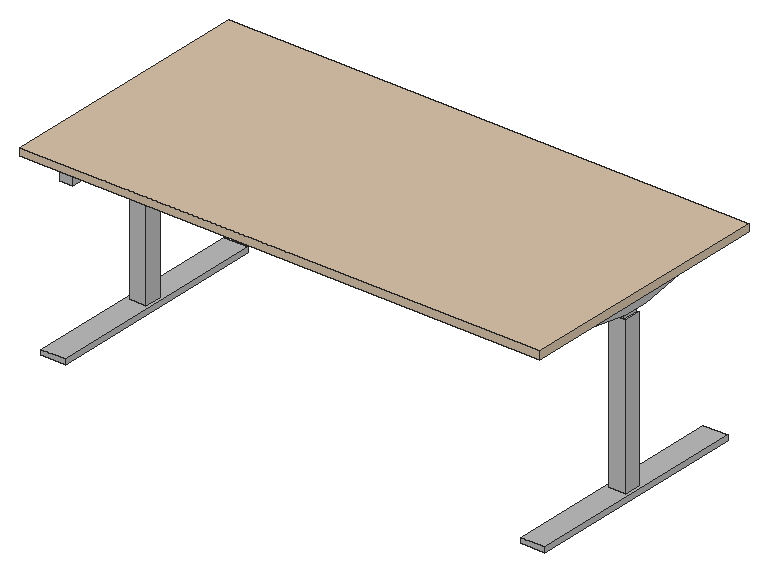
Revit family "Haworth_Masters_ConvergentWorktop-Rectangular", category Furniture Systems, Revit 2018
Family settings
  Round Connector Dimension = Use Diameter
  Part Type = Normal
  OmniClass Number = 23.40.70.14.64.21
  OmniClass Title = Systems Furniture
  Work Plane-Based = No
  Always vertical = Yes
  Cut with Voids When Loaded = No
  Shared = No
  Room Calculation Point = No
Parameters (values of type "40d 82w - Rectangular - Height Adjustable")
  symbolic lines = or(Height Adjustable, Hoop Leg)  # yes
  Worksurface Finish [instance] = Haworth _ Wood _ White Oak
  Worksurface Edge Finish [instance] = Haworth _ Wood _ White Oak
  Warranty = "http://www.haworth.com/resources/product-info/warranties"
  URL - Product = "http://www.haworth.com/products/desks/freestanding/masters-series"
  Sustainability Info = "http://media.haworth.com/asset/94814/Masters%20series%20PEDS.pdf"
  Support Column = no
  Leg Finish = Haworth _ Paint _ Metallic Champagne
  Model = "Masters"
  Min. Depth = if(Height Adjustable, 29", 30")  # 29"
  Max. Depth = if(Height Adjustable, 41", 42")  # 41"
  Hoop Leg = not(or(Support Column, Height Adjustable))  # no
  Height Adjustable = yes
  Height = 30"
  Width = 84"
  URL = "http://www.haworth.com/"
  Support Height = Actual Height - Worksurface Thickness  # 28 13/16"
  Size = "Verify Final Dim. w/ Haworth"  # constant formula
  Revision Number = "1"  # constant formula
  Min/Max Width = if(Height Adjustable, "58-82 in. @ 6 in. Increments", "60-84 in. @ 6 in. Increments")  # "58-82 in. @ 6 in. Increments"
  Min/Max Height = "28 11/16-32 11/16 in."  # constant formula
  Min. Width = if(Height Adjustable, 58", 60")  # 58"
  Max. Width = if(Height Adjustable, 82", 84")  # 82"
  Min. Height = 28 11/16"  # constant formula
  Max. Height = if(Height Adjustable, 46 1/2" + Worksurface Thickness, 31 1/2" + Worksurface Thickness)  # 47 11/16"
  Manufacturer = "Haworth"  # constant formula
  Support Offset = 1 1/4"  # constant formula
  Description = "Masters Worksurface Rectangular - Height Adjustable"
  Depth = 42"
  Custom Size = not(or(and(Depth = 30", or(Width = 60", Width = 66", Width = 72")), and(Depth = 36", or(Width = 60", Width = 66", Width = 72", Width = 78", Width = 84")), and(Depth = 42", or(Width = 72", Width = 78", Width = 84"))))  # no
  Connector Block - Right = yes
  Author = "SHAPE Environments, LLC"  # constant formula
  Assembly Code = "E2020200"
  Actual Width = if(Width > Max. Width, Max. Width, if(Width < Min. Width, Min. Width, Width))  # 82"
  Actual Support Depth = Actual Depth - (Support Offset * 2)  # 38 1/2"
  Actual Height = if(Height > Max. Height, Max. Height, if(Height < Min. Height, Min. Height, Height))  # 30"
  Worksurface Thickness = 1 3/16"  # constant formula
  Min/Max Depth = if(Height Adjustable, "29, 35, 41 in.", "30, 36, 42 in.")  # "29, 35, 41 in."
  Actual Depth = if(Depth > Max. Depth, Max. Depth, if(Depth < Min. Depth, Min. Depth, Depth))  # 41"
Types (4): name | symbolic lines | URL - Product | Support Column | Leg Finish | Min. Depth | Max. Depth | Hoop Leg | Height Adjustable | Width | Min/Max Width | Min. Width | Max. Width | Max. Height | Description | Depth | Actual Width | Actual Support Depth | Min/Max Depth | Actual Depth
  42d 84w - Rectangular - Hoop Leg | yes | "http://www.haworth.com/products/desks/freestanding/masters-series" | no | Haworth _ Paint _ Metallic Champagne | 30" | 42" | yes | no | 84" | "60-84 in. @ 6 in. Increments" | 60" | 84" | 32 11/16" | "Masters Worksurface Rectangular - Hoop Leg" | 42" | 84" | 39 1/2" | "30, 36, 42 in." | 42"
  42d 84w - Rectangular - Column Support | no | "https://www.haworth.com/resources/product-info/warranties" | yes | Haworth _ Paint _ Metallic Champagne | 30" | 42" | no | no | 84" | "60-84 in. @ 6 in. Increments" | 60" | 84" | 32 11/16" | "Masters Worksurface Rectangular - Column Support" | 42" | 84" | 39 1/2" | "30, 36, 42 in." | 42"
  40d 82w - Rectangular - Height Adjustable | yes | "http://www.haworth.com/products/desks/freestanding/masters-series" | no | Haworth _ Paint _ Metallic Champagne | 29" | 41" | no | yes | 84" | "58-82 in. @ 6 in. Increments" | 58" | 82" | 47 11/16" | "Masters Worksurface Rectangular - Height Adjustable" | 42" | 82" | 38 1/2" | "29, 35, 41 in." | 41"
  30d 72w - Rectangular - Hoop Leg | yes | "http://www.haworth.com/products/desks/freestanding/masters-series" | no | Haworth _ Paint _ Black | 30" | 42" | yes | no | 72" | "60-84 in. @ 6 in. Increments" | 60" | 84" | 32 11/16" | "Masters Worksurface Rectangular - Hoop Leg" | 30" | 72" | 27 1/2" | "30, 36, 42 in." | 30"
Reference planes (in)
  plane 1 "Center F/B": y = 0
  plane 2 "Floor": z = 0
  plane 3 "Center L/R": x = 0
  plane 4 "Table Edge Left": x = -41
  plane 5 "Table Edge Right": x = 41
  plane 6 "Table Edge Back": y = -20.5
  plane 7 "Table Edge Front": y = 20.5
  plane 8 "Table Bottom": z = 30
  plane 9 "Support Front Offset": y = -19.25
  plane 10 "Support Back Offset": y = 19.25
  plane 11 "masking region": z = 28
  plane 12: x = 39.7
  plane 13: x = -39.7
  plane 14: y = 8.5
  plane 15: x = -38
  plane 16: x = -40
Forms (in)
  Extrusion 1, solid, material "Haworth _ Paint _ Metallic Champagne" <- "Leg Finish", visible <- "Connector Block - Right"
    sketch origin (0, 0, 0) x (1, 0, 0) y (0, 1, 0)
      loop
        line (-40, 8.5) -> (-40, -13.97233) -> (-38, -13.97233) -> (-38, 8.5) -> (-40, 8.5)
    from 28.8125 to 22.8125
Lines and regions (in)
  Masking region 1
    outline origin (0, 0, 28) x (0, -1, 0) y (1, 0, 0)
      loop
        line (-20.5, -41) -> (20.5, -41) -> (20.5, 41) -> (-20.5, 41) -> (-20.5, -41)
  symbolic lines, style "Haworth Hidden", visible <- "Support Column", detail levels fine
    curve 1: arc (26.6, 0, 0) -> (28.7, -2.1, 0) -> (30.8, 0, 0) r 2.1
    curve 2: arc (30.8, 0, 0) -> (28.7, 2.1, 0) -> (26.6, 0, 0) r 2.1
  symbolic lines, style "Haworth Hidden", visible <- "symbolic lines", detail levels fine
    curve 3: line (36.7, 19.25, 0) -> (39.7, 19.25, 0)
    curve 4: line (36.7, -19.25, 0) -> (36.7, 19.25, 0)
    curve 5: line (39.7, -19.25, 0) -> (36.7, -19.25, 0)
    curve 6: line (39.7, 19.25, 0) -> (39.7, -19.25, 0)
  symbolic lines, style "Haworth Hidden", visible <- "Height Adjustable", detail levels fine
    curve 7: line (-39.7, 19.25, 0) -> (-36.7, 19.25, 0)
    curve 8: line (-39.7, -19.25, 0) -> (-39.7, 19.25, 0)
    curve 9: line (-36.7, -19.25, 0) -> (-39.7, -19.25, 0)
    curve 10: line (-36.7, 19.25, 0) -> (-36.7, -19.25, 0)
Dimensions and locks (in)
  "Actual Depth": plane 7 "Table Edge Front" to plane 6 "Table Edge Back"
  "Actual Width": plane 4 "Table Edge Left" to plane 5 "Table Edge Right"
  equal spacing: plane 4 "Table Edge Left", plane 3 "Center L/R", plane 5 "Table Edge Right"
  equal spacing: plane 7 "Table Edge Front", plane 1 "Center F/B", plane 6 "Table Edge Back"
  "Support Offset": plane 9 "Support Front Offset" to plane 6 "Table Edge Back"
  "Support Offset": plane 7 "Table Edge Front" to plane 10 "Support Back Offset"
  "Actual Height": plane 8 "Table Bottom" to level
  locked: plane 8 "Table Bottom" to plane 11 "masking region" at 2
  plane 5 "Table Edge Right" to plane 12 = 1.3"
  plane 4 "Table Edge Left" to plane 13 = 1.3"
  locked: curve 4 to curve 6 at 3
  locked: curve 8 to curve 10 at 3
  plane 4 "Table Edge Left" to plane 16 = 1"
  plane 4 "Table Edge Left" to plane 15 = 3"
  plane 7 "Table Edge Front" to plane 14 = 12"
  aligned and locked: plane 3 "Center L/R" to nested 1
  aligned and locked: plane 1 "Center F/B" to nested 1
  aligned and locked: plane 4 "Table Edge Left" to Masking region 1 sketch curve
  aligned and locked: Masking region 1 sketch curve to plane 7 "Table Edge Front"
  aligned and locked: nested 1 to Masking region 1 sketch curve
  aligned and locked: nested 2 to plane 12
  aligned and locked: nested 2 to plane 1 "Center F/B"
  aligned and locked: nested 3 to plane 12
  aligned and locked: nested 3 to plane 1 "Center F/B"
  aligned and locked: nested 4 to plane 13
  aligned and locked: plane 1 "Center F/B" to nested 4
  aligned and locked: curve 6 to plane 12
  aligned and locked: curve 8 to plane 13
  aligned and locked: plane 14 to Extrusion 1 sketch curve
  aligned and locked: plane 15 to Extrusion 1 sketch curve
  aligned and locked: Extrusion 1 sketch curve to plane 16
Automatic sketch dimensions
  Masking region 1 sketch curve to plane 5 "Table Edge Right" = 0"
  curve 8 to plane 10 "Support Back Offset" = 0"
  curve 10 to plane 9 "Support Front Offset" = 0"
  plane 1 "Center F/B" to curve 1 = 0"
  curve 3 to plane 10 "Support Back Offset" = 0"
  curve 4 to plane 9 "Support Front Offset" = 0"
  curve 2 to plane 12 = 11"
  curve 1 to curve 1 = 2.1"
  plane 9 "Support Front Offset" to Extrusion 1 sketch curve = 5.27767"
Nested families (in)
  nested 1: "Haworth_Worksurface-Rectangular" at (0, -15, 0), type "Worksurface"
    with Table Thickness 1 3/16", Actual Width 82", Actual Depth 41"
  nested 2: "Haworth_Worksurface-Support_Part-Masters" at (30.2, 12.11431, 0), type "Support"
    with Straight Support Extension 20 3/4", Hoop Leg Support Extension 29 5/8", Hoop Leg Bottom Support Extension 29 9/16", Angled Support Extension 17 1/2", Worksurface Depth 41", Support Hoop Leg no, Column Support no, Actual Depth 38 1/2"
  nested 3: "Haworth_Worksurface-Adjustable-Support_Part-Masters" at (29.29961, 13.36431, 0), visible <- "Height Adjustable", type "Corner Support"
    with Shroud no, Wedge support offset 4", Worksurface Depth 41", Actual Depth 41"
  nested 4: "Haworth_Worksurface-Adjustable-Support_Part-Masters" at (-29.29961, 13.36431, 0) x (-1, 0, 0) z (0, 0, 1), visible <- "Height Adjustable", type "Corner Support"
    with Shroud no, Wedge support offset 4", Worksurface Depth 41", Actual Depth 41"
Definition of nested family "Haworth_Worksurface-Rectangular"
  Parameters
    Width = 0"
    Warranty = ""
    URL - Product = ""
    URL = "www.haworth.com"
    Table Thickness = 1 1/2"
    Table Finish = none
    Table Edge Finish = none
    Sustainability Info = ""
    Squared Corners = yes
    Size = "Verify Final Dim. w/ Haworth"  # constant formula
    Rounded Corners = no
    Revision Number = ""
    OmniClass Number = ""
    Min/Max Width = ""
    Min/Max Height = ""
    Min. Width = 0"
    Max. Width = 0"
    Min. Height = 0"
    Max. Height = 0"
    Material Options = ""
    Manufacturer = "Haworth"  # constant formula
    LEED Data = ""
    Height = 0"
    Author = "SHAPE Environments, LLC"  # constant formula
    Assembly Code = ""
    Actual Width = 60"
    Actual Height = 30"
    Actual Depth = 30"
  Reference planes (in)
    plane 1 "Center F/B": y = 15
    plane 2: z = 0
    plane 3 "Center L/R": x = 0
    plane 4 "Table Front": y = 30
    plane 5 "Table Right": x = 30
    plane 6 "Table Left": x = -30
    plane 7 "Table Back": y = 0
    plane 8 "Table Top": z = 30
    plane 9 "Table Bottom": z = 28.5
  Forms (in)
    Extrusion 1, solid, material <- "Table Finish", visible <- "Squared Corners"
      sketch origin (0, 0, 0) x (1, 0, 0) y (0, 1, 0)
        loop
          line (-30, 30) -> (-30, 0) -> (30, 0) -> (30, 30) -> (-30, 30)
      from 28.5 to 30
    Extrusion 2, solid, material <- "Table Finish", visible <- "Rounded Corners"
      sketch origin (0, 0, 0) x (1, 0, 0) y (0, 1, 0)
        loop
          arc (-28.5, 30) -> (-29.56066, 29.56066) -> (-30, 28.5) r 1.5
          line (-30, 28.5) -> (-30, 1.5)
          arc (-30, 1.5) -> (-29.56066, 0.43934) -> (-28.5, 0) r 1.5
          line (-28.5, 0) -> (28.5, 0)
          arc (28.5, 0) -> (29.56066, 0.43934) -> (30, 1.5) r 1.5
          line (30, 1.5) -> (30, 28.5)
          arc (30, 28.5) -> (29.56066, 29.56066) -> (28.5, 30) r 1.5
          line (28.5, 30) -> (-28.5, 30)
      from 28.5 to 30
  Dimensions and locks (in)
    "Actual Depth": plane 7 "Table Back" to plane 4 "Table Front"
    "Actual Width": plane 6 "Table Left" to plane 5 "Table Right"
    equal spacing: plane 6 "Table Left", plane 3 "Center L/R", plane 5 "Table Right"
    equal spacing: plane 4 "Table Front", plane 1 "Center F/B", plane 7 "Table Back"
    "Table Thickness": plane 8 "Table Top" to plane 9 "Table Bottom"
    "Actual Height": plane 8 "Table Top" to level
    aligned and locked: plane 6 "Table Left" to Extrusion 1 sketch curve
    aligned and locked: Extrusion 1 sketch curve to plane 4 "Table Front"
    aligned and locked: plane 7 "Table Back" to Extrusion 1 sketch curve
    aligned and locked: plane 5 "Table Right" to Extrusion 1 sketch curve
    aligned and locked: plane 8 "Table Top" to Extrusion 1
    aligned and locked: Extrusion 1 to plane 9 "Table Bottom"
    aligned and locked: plane 6 "Table Left" to Extrusion 2 sketch curve
    aligned and locked: Extrusion 2 sketch curve to plane 7 "Table Back"
    aligned and locked: plane 5 "Table Right" to Extrusion 2 sketch curve
    aligned and locked: Extrusion 2 sketch curve to plane 4 "Table Front"
    aligned and locked: plane 8 "Table Top" to Extrusion 2
    aligned and locked: Extrusion 2 to plane 9 "Table Bottom"
  Automatic sketch dimensions
    plane 6 "Table Left" to Extrusion 2 sketch curve = 1 1/2"
    Extrusion 2 sketch curve to Extrusion 2 sketch curve = 1 1/2"
    plane 5 "Table Right" to Extrusion 2 sketch curve = 1 1/2"  (x2)
Definition of nested family "Haworth_Worksurface-Adjustable-Support_Part-Masters"
  Parameters (values of type "Corner Support")
    Wedge support offset = if(Worksurface Depth = 30", 4", if(Worksurface Depth = 36", 7", if(Worksurface Depth = 42", 2 205/256", 4")))  # 2 205/256"
    Support Offset = 3/8"  # constant formula
    Worksurface Height = 30"
    Worksurface Depth = 42"
    Warranty = "www.haworth.com/en-us/Products/Pages/Certifications.aspx"
    URL - Product = "www.haworth.com/en-us/Spaces/2011-NeoCon/New-Products/Pages/Reside-Desking.aspx"
    URL = "www.haworth.com"
    Top Thickness = 1 3/16"
    Sustainability Info = "www.haworth.com/en-us/About-Us/Sustainability/Pages/Vision.aspx"
    Support Thickness = 3 205/256"  # constant formula
    Support Height = Worksurface Height - Top Thickness  # 28 13/16"
    Spacer Depth = 15"  # constant formula
    Size = "Verify Final Dim. w/ Haworth"  # constant formula
    Shroud [instance] = yes
    Revision Number = "1"  # constant formula
    Panel Finish = none
    Model = "Worksurface"
    Min/Max Height = "26-32 in."  # constant formula
    Min/Max Depth = "18-36 in."  # constant formula
    Min. Height = 20"  # constant formula
    Min. Depth = 18"  # constant formula
    Max. Height = 48"  # constant formula
    Max. Depth = 36"  # constant formula
    Manufacturer = "Haworth"  # constant formula
    Leg Finish = none
    LEED Data = "www2.haworth.com/Promo/Reside-Beside-Belong/LEED-Reside.pdf"
    Gap Depth = 3"  # constant formula
    Description = "Worksurface Support Reside"  # constant formula
    Corner Straight Support Extension = 5 3/4"  # constant formula
    Corner Angled Support Extension = 2 1/2"  # constant formula
    Bottom Strut Thickness = 1"  # constant formula
    Bottom Strut Location = 9"  # constant formula
    Author = "SHAPE Environments, LLC"  # constant formula
    Assembly Code = "E2020200"
    Actual Height = 30"
    Actual Depth = 42"
  Types (2): name | Wedge support offset | Worksurface Height | Worksurface Depth | URL - Product | Support Height | LEED Data | Actual Depth
    Corner Support | 2 205/256" | 30" | 42" | "www.haworth.com/en-us/Spaces/2011-NeoCon/New-Products/Pages/Reside-Desking.aspx" | 28 13/16" | "www2.haworth.com/Promo/Reside-Beside-Belong/LEED-Reside.pdf" | 42"
    Support | 4" | 28 13/16" | 30" | "www.haworth.com/en-us/Products/Furniture/Systems/Desking-Systems/Pages/Compose.aspx" | 27 5/8" | "www.haworth.com/en-us/Products/Furniture/Systems/Desking-Systems/Pages/Compose.aspx" | 27 1/2"
  Reference planes (in)
    plane 1: z = 0
    plane 2 "Center L/R": x = 8.5
    plane 3 "Support Left Edge": x = 6.59961
    plane 4 "Support Right Edge": x = 10.40039
    plane 5 "Back": y = 7.13569
    plane 6 "Front": y = -34.86431
    plane 7 "Support Top": z = 28.8125
    plane 8 "Mid Strut Top": z = 0.8125
    plane 9 "Mid Strut Bottom": z = 3.4375
    plane 10 "Top Strut Bottom": z = 27.625
    plane 11 "Front Support Exterior": y = -32.36431
    plane 12 "Front Support Interior": y = -29.56353
    plane 13 "Back Support Interior": y = 1.83491
    plane 14 "Back Support Exterior": y = 4.63569
    plane 15 "Center F/B": y = -13.86431
    plane 16 "Leg Top": z = 28.5625
    plane 17: z = 25.3125
  Forms (in)
    Extrusion 1, solid, material <- "Leg Finish"
      sketch origin (8.5, 0, 0) x (0, 1, 0) y (0, 0, 1)
        loop
          line (4.63569, 0) -> (4.63569, 0.8125) -> (-32.36431, 0.8125) -> (-32.36431, 0) -> (4.63569, 0)
      from -1.90039 to 1.90039
    Extrusion 2, solid, material <- "Leg Finish"
      sketch origin (8.5, 0, 0) x (0, 1, 0) y (0, 0, 1)
        loop
          line (-12.56431, 0.8125) -> (-12.56431, 25.3125) -> (-15.16431, 25.3125) -> (-15.16431, 0.8125) -> (-12.56431, 0.8125)
      from -1.30078 to 1.30078
    Extrusion 3, solid, material <- "Leg Finish"
      sketch origin (8.5, 0, 0) x (0, 1, 0) y (0, 0, 1)
        loop
          line (-12.71431, 25.3125) -> (-12.71431, 28.8125) -> (-15.01431, 28.8125) -> (-15.01431, 25.3125) -> (-12.71431, 25.3125)
      from -1.14844 to 0.90039
    Extrusion 4, solid, material <- "Leg Finish"
      sketch origin (10.40039, 0, 0) x (0, 1, 0) y (0, 0, 1)
        loop
          line (1.83491, 28.5625) -> (1.83491, 28.8125) -> (-29.56353, 28.8125) -> (-29.56353, 28.5625) -> (-15.80762, 26.51695) -> (-11.921, 26.51695) -> (1.83491, 28.5625)
      from -1 to 0
    Extrusion 5, solid, material <- "Panel Finish", visible <- "Shroud"
      sketch origin (0, 0, 0) x (1, 0, 0) y (0, 1, 0)
        loop
          line (5.84961, 5.38569) -> (5.84961, -33.11431) -> (6.59961, -33.11431) -> (11.15039, -33.11431) -> (11.15039, -32.36431) -> (11.15039, 5.38569) -> (10.40039, 5.38569) -> (5.84961, 5.38569)
        loop
          line (7.19922, -12.56431) -> (7.19922, -15.16431) -> (9.80078, -15.16431) -> (9.80078, -12.56431) -> (7.19922, -12.56431)
      from 0.5 to 21.5
  Dimensions and locks (in)
    "Support Thickness": plane 3 "Support Left Edge" to plane 4 "Support Right Edge"
    equal spacing: plane 3 "Support Left Edge", plane 2 "Center L/R", plane 4 "Support Right Edge"
    "Actual Depth": plane 5 "Back" to plane 6 "Front"
    plane 7 "Support Top" to plane 10 "Top Strut Bottom" = 1 3/16"
    "Support Height": plane 7 "Support Top" to level
    "Wedge support offset": plane 14 "Back Support Exterior" to plane 13 "Back Support Interior"
    plane 7 "Support Top" to plane 9 "Mid Strut Bottom" = 25 3/8"
    equal spacing: plane 5 "Back", plane 15 "Center F/B", plane 6 "Front"
    plane 8 "Mid Strut Top" to level = 13/16"
    locked: plane 7 "Support Top" to plane 16 "Leg Top" at 0.25
    locked: Extrusion 4 sketch curve to Extrusion 4 sketch curve at 2.29555
    locked: Extrusion 4 sketch curve to Extrusion 4 sketch curve at 0.25  (x2)
    plane 5 "Back" to plane 6 "Front" = 42"
    locked: plane 5 "Back" to plane 14 "Back Support Exterior" at 2.5
    locked: plane 11 "Front Support Exterior" to plane 6 "Front" at 2.5
    "Wedge support offset": plane 12 "Front Support Interior" to plane 11 "Front Support Exterior"
    locked: Extrusion 5 sketch curve to Extrusion 1 at 0.75  (x3)
    locked: Extrusion 1 to Extrusion 5 sketch curve at 0.75
    aligned and locked: plane 4 "Support Right Edge" to Extrusion 1
    aligned and locked: plane 3 "Support Left Edge" to Extrusion 1
    aligned and locked: plane 17 to Extrusion 2
    aligned and locked: plane 17 to Extrusion 3 sketch curve
    aligned and locked: Extrusion 3 sketch curve to plane 7 "Support Top"
    aligned and locked: plane 13 "Back Support Interior" to Extrusion 4 sketch curve
    aligned and locked: Extrusion 4 sketch curve to plane 7 "Support Top"
    aligned and locked: Extrusion 4 to Extrusion 3
    aligned and locked: plane 4 "Support Right Edge" to Extrusion 4
    aligned and locked: Extrusion 4 sketch curve to plane 13 "Back Support Interior"
    aligned and locked: plane 12 "Front Support Interior" to Extrusion 4 sketch curve
  Automatic sketch dimensions
    Extrusion 1 sketch curve to level = 0"
    Extrusion 1 sketch curve to plane 11 "Front Support Exterior" = 0"
    Extrusion 1 sketch curve to plane 8 "Mid Strut Top" = 0"
    Extrusion 1 sketch curve to plane 14 "Back Support Exterior" = 0"
    Extrusion 2 sketch curve to plane 8 "Mid Strut Top" = 0"
    Extrusion 2 sketch curve to plane 17 = 0"
    Extrusion 2 sketch curve to plane 15 "Center F/B" = 1.3"
    plane 15 "Center F/B" to Extrusion 2 sketch curve = 1.3"
    Extrusion 3 sketch curve to plane 15 "Center F/B" = 1.15"
    plane 15 "Center F/B" to Extrusion 3 sketch curve = 1.15"
    Extrusion 4 sketch curve to plane 15 "Center F/B" = 1.94331"
    plane 15 "Center F/B" to Extrusion 4 sketch curve = 1.94331"
    Extrusion 5 sketch curve to plane 3 "Support Left Edge" = 0"
    Extrusion 5 sketch curve to plane 4 "Support Right Edge" = 0"
    plane 11 "Front Support Exterior" to Extrusion 5 sketch curve = 0"
    Extrusion 5 sketch curve to plane 3 "Support Left Edge" = 0.59961"
    Extrusion 5 sketch curve to plane 4 "Support Right Edge" = 0.59961"
    Extrusion 5 sketch curve to plane 15 "Center F/B" = 1.3"
    plane 15 "Center F/B" to Extrusion 5 sketch curve = 1.3"
Definition of nested family "Haworth_Worksurface-Support_Part-Masters"
  Parameters (values of type "Corner Support")
    Support Offset = 3/8"  # constant formula
    Worksurface Height = 30"
    Worksurface Depth = 30"
    Warranty = "www.haworth.com/en-us/Products/Pages/Certifications.aspx"
    URL - Product = "www.haworth.com/en-us/Spaces/2011-NeoCon/New-Products/Pages/Reside-Desking.aspx"
    URL = "www.haworth.com"
    Top Thickness = 1 3/16"
    Sustainability Info = "www.haworth.com/en-us/About-Us/Sustainability/Pages/Vision.aspx"
    Support Thickness = 2"  # constant formula
    Support Height = 28 13/16"
    Support Hoop Leg = no
    Straight Support Extension [instance] = 20 3/4"
    Spacer Depth = 15"  # constant formula
    Size = "Verify Final Dim. w/ Haworth"  # constant formula
    Revision Number = "1"  # constant formula
    Model = "Worksurface"
    Min/Max Height = "26-32 in."  # constant formula
    Min/Max Depth = "18-36 in."  # constant formula
    Min. Height = 20"  # constant formula
    Min. Depth = 18"  # constant formula
    Max. Height = 48"  # constant formula
    Max. Depth = 36"  # constant formula
    Manufacturer = "Haworth"  # constant formula
    Leg Finish = none
    LEED Data = "www2.haworth.com/Promo/Reside-Beside-Belong/LEED-Reside.pdf"
    Hoop Leg Support Extension [instance] = 29 5/8"
    Hoop Leg Bottom Support Extension [instance] = 29 9/16"
    Gap Depth = 3"  # constant formula
    Description = "Worksurface Support Reside"  # constant formula
    Corner Straight Support Extension = 5 3/4"  # constant formula
    Corner Angled Support Extension = 2 1/2"  # constant formula
    Column Support = yes
    Bottom Strut Thickness = 1"  # constant formula
    Bottom Strut Location = 9"  # constant formula
    Author = "SHAPE Environments, LLC"  # constant formula
    Assembly Code = "E2020200"
    Angled Support Extension [instance] = 17 1/2"
    Actual Height = 30"
    Actual Depth = 30"
  Types (2): name | Worksurface Height | URL - Product | Support Hoop Leg | LEED Data | Actual Depth
    Corner Support | 30" | "www.haworth.com/en-us/Spaces/2011-NeoCon/New-Products/Pages/Reside-Desking.aspx" | no | "www2.haworth.com/Promo/Reside-Beside-Belong/LEED-Reside.pdf" | 30"
    Support | 28 13/16" | "www.haworth.com/en-us/Products/Furniture/Systems/Desking-Systems/Pages/Compose.aspx" | yes | "www.haworth.com/en-us/Products/Furniture/Systems/Desking-Systems/Pages/Compose.aspx" | 27 1/2"
  Reference planes (in)
    plane 1: z = 0
    plane 2 "Center L/R": x = 8.5
    plane 3 "Support Left Edge": x = 7.5
    plane 4 "Support Right Edge": x = 9.5
    plane 5 "Back": y = 7.13569
    plane 6 "Front": y = -22.86431
    plane 7 "Support Top": z = 28.8125
    plane 8 "Mid Strut Top": z = 0.8125
    plane 9 "Mid Strut Bottom": z = 3.4375
    plane 10 "Top Strut Bottom": z = 27.625
    plane 11 "Front Support Exterior": y = -22.48931
    plane 12 "Front Support Interior": y = -21.48931
    plane 13 "Back Support Interior": y = 5.76069
    plane 14 "Back Support Exterior": y = 6.76069
    plane 15 "Center F/B": y = -7.86431
    plane 16 "Leg Top": z = 28.5625
    plane 17: x = -1.5
  Forms (in)
    Extrusion 1, solid, material <- "Leg Finish", visible <- "Support Hoop Leg"
      sketch origin (8.5, 0, 0) x (0, 1, 0) y (0, 0, 1)
        loop
          line (5.76069, 0.8125) -> (-21.48931, 0.8125) -> (-21.48931, 28.8125) -> (-22.48931, 28.8125) -> (-22.48931, 0) -> (6.76069, 0) -> (6.76069, 28.8125) -> (5.76069, 28.8125) -> (5.76069, 0.8125)
      from -1 to 1
    Extrusion 2, solid, material <- "Leg Finish", visible <- "Column Support"
      sketch origin (0, 0, 0) x (1, 0, 0) y (0, 1, 0)
        loop
          circle (-1.5, -7.86431) r 2.1
      from 0 to 28.8125
  Dimensions and locks (in)
    "Support Thickness": plane 3 "Support Left Edge" to plane 4 "Support Right Edge"
    equal spacing: plane 3 "Support Left Edge", plane 2 "Center L/R", plane 4 "Support Right Edge"
    "Actual Depth": plane 5 "Back" to plane 6 "Front"
    plane 7 "Support Top" to plane 10 "Top Strut Bottom" = 1 3/16"
    "Support Height": plane 7 "Support Top" to level
    locked: plane 5 "Back" to plane 14 "Back Support Exterior" at 0.375
    locked: plane 14 "Back Support Exterior" to plane 13 "Back Support Interior" at 1
    plane 12 "Front Support Interior" to plane 11 "Front Support Exterior" to plane 6 "Front" = 1" locked, 3/8" locked
    plane 7 "Support Top" to plane 9 "Mid Strut Bottom" = 25 3/8"
    equal spacing: plane 5 "Back", plane 15 "Center F/B", plane 6 "Front"
    plane 8 "Mid Strut Top" to level = 13/16"
    locked: plane 7 "Support Top" to plane 16 "Leg Top" at 0.25
    plane 17 to plane 2 "Center L/R" = 10"
    aligned and locked: plane 7 "Support Top" to Extrusion 2
    aligned and locked: Extrusion 2 to level
    aligned and locked: plane 4 "Support Right Edge" to Extrusion 1
    aligned and locked: plane 3 "Support Left Edge" to Extrusion 1
  Automatic sketch dimensions
    Extrusion 2 sketch curve to plane 15 "Center F/B" = 0"
    Extrusion 2 sketch curve to plane 17 = 0"
    Extrusion 1 sketch curve to level = 0"
    Extrusion 1 sketch curve to plane 11 "Front Support Exterior" = 0"
    Extrusion 1 sketch curve to plane 7 "Support Top" = 0"  (x2)
    Extrusion 1 sketch curve to plane 12 "Front Support Interior" = 0"
    Extrusion 1 sketch curve to plane 13 "Back Support Interior" = 0"
    Extrusion 1 sketch curve to plane 14 "Back Support Exterior" = 0"
    Extrusion 1 sketch curve to plane 8 "Mid Strut Top" = 0"
    radius of Extrusion 2 sketch curve = 2.1"
